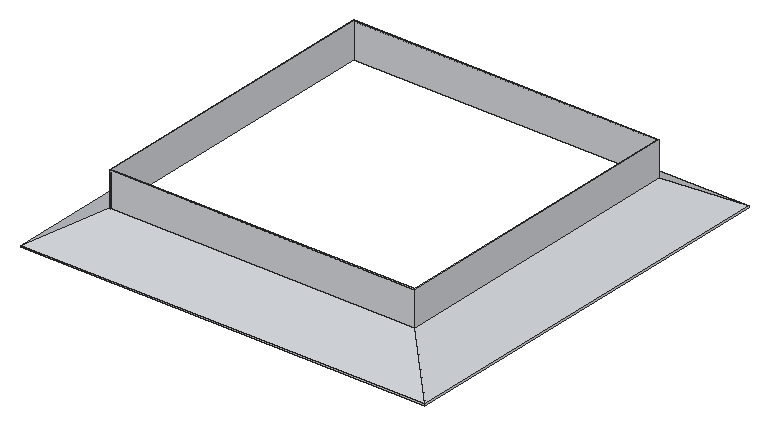
Revit family
Parameters (values of type "DP, 12x12 Module 09x09 Neck")
  URL = "http://www.anemostat.com"
  Type Comments = ""
  Panel Width = Module Width - 1/4"  # 11 3/4"
  Panel Height = Module Height - 1/4"  # 11 3/4"
  Neck Width = Duct Width - 1/8"  # 8 7/8"
  Neck Height = Duct Height - 1/8"  # 8 7/8"
  Module Width = 12"
  Module Height = 12"
  Model = "DP"
  Manufacturer = "Anemostat"
  Duct Width = 9"
  Duct Height = 9"
  Description = "Directional Diffuser, Lay-In T-Bar without Extensional Panel"
Types (6): name | Panel Width | Panel Height | Neck Width | Neck Height | Module Width | Module Height | Duct Width | Duct Height
  (no name) | 11 3/4" | 11 3/4" | 8 7/8" | 8 7/8" | 12" | 12" | 9" | 9"
  DP, 12x12 Module 09x09 Neck | 11 3/4" | 11 3/4" | 8 7/8" | 8 7/8" | 12" | 12" | 9" | 9"
  DP, 12x24 Module, 09x21 Neck | 11 3/4" | 23 3/4" | 8 7/8" | 20 7/8" | 12" | 24" | 9" | 21"
  DP, 24x24 Module, 21x21 Neck | 23 3/4" | 23 3/4" | 20 7/8" | 20 7/8" | 24" | 24" | 21" | 21"
  DP, 24x48 Module, 21x45 Neck | 23 3/4" | 47 3/4" | 20 7/8" | 44 7/8" | 24" | 48" | 21" | 45"
  DP, 48x48 Module, 45x45 Neck | 47 3/4" | 47 3/4" | 44 7/8" | 44 7/8" | 48" | 48" | 45" | 45"
Reference planes (in)
  plane 1 "Center (Front/Back)": y = 0
  plane 2: z = 0
  plane 3 "Center (Left/Right)": x = 0
  plane 4: x = 4.4375
  plane 5: x = -4.4375
  plane 6: y = 4.4375
  plane 7: y = -4.4375
  plane 8: x = -5.875
  plane 9: x = 5.875
  plane 10: y = 5.875
  plane 11: y = -5.875
Forms (in)
  Sweep 1, solid
    path origin (0, 0, 0) x (1, 0, 0) y (0, 1, 0)
      loop
        line (-4.4375, 4.4375) -> (-4.4375, -4.4375) -> (4.4375, -4.4375) -> (4.4375, 4.4375) -> (-4.4375, 4.4375)
    profile origin (0, 4.4375, 0) x (0, 1, 0) y (0, 0, 1)
      loop
        line (0, 1.89447) -> (-0.031, 1.89447) -> (-0.031, 0.87022) -> (1.4375, 0) -> (1.4375, 0.04262) -> (0, 0.89447) -> (0, 1.89447)
Dimensions and locks (in)
  equal spacing: plane 4, plane 3 "Center (Left/Right)", plane 5
  "Neck Width": plane 4 to plane 5
  equal spacing: plane 6, plane 1 "Center (Front/Back)", plane 7
  "Neck Height": plane 6 to plane 7
  equal spacing: plane 9, plane 3 "Center (Left/Right)", plane 8
  "Panel Width": plane 9 to plane 8
  equal spacing: plane 10, plane 1 "Center (Front/Back)", plane 11
  "Panel Height": plane 10 to plane 11
Automatic sketch dimensions
  Sweep 1 sketch curve to plane 5 = 0"
  Sweep 1 sketch curve to plane 4 = 0"
  plane 7 to Sweep 1 sketch curve = 0"
  plane 6 to Sweep 1 sketch curve = 0"
  Sweep 1 sketch curve to profile plane = 0"
  profile plane to Sweep 1 sketch curve = 0.031"
  level to Sweep 1 sketch curve = 0.04262"
  Sweep 1 sketch curve to profile plane = 1 7/16"
  level to Sweep 1 sketch curve = 0"
  level to Sweep 1 sketch curve = 0.87022"
  Sweep 1 sketch curve to Sweep 1 sketch curve = 0.02425"
  Sweep 1 sketch curve to Sweep 1 sketch curve = 1"
Connectors (in)
  hvac at (0, 0, 1.89447), driven by "Duct Width", driven by "Duct Height"
    settings: on Sweep 1, index 1
